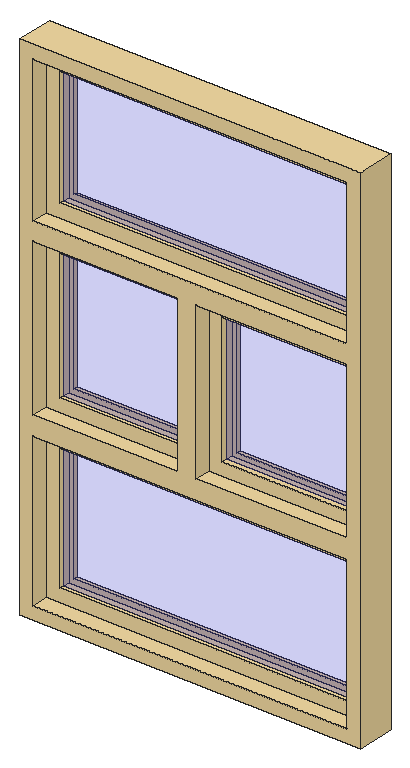
Revit family "5092B-COto 62", category Windows, host Wall, Revit 2016
Family settings
  Host = Wall
  OmniClass Number = 23.30.20.00
  OmniClass Title = Windows
  Always vertical = Yes
  Cut with Voids When Loaded = No
  Shared = No
  Room Calculation Point = No
Parameters (values of type "1188x1788mm")
  top 4 [instance] = yes
  top 3 [instance] = no
  top 2 [instance] = no
  top 1 [instance] = yes
  right 4 [instance] = no
  right 2 [instance] = no
  right 1 [instance] = no
  right 3 [instance] = yes
  left 4 [instance] = no
  left 3 [instance] = no
  left 2 [instance] = yes
  left 1 [instance] = no
  Sash 4 [instance] = or(top 4, right 4, left 4)  # yes
  Sash 3 [instance] = or(top 3, right 3, left 3)  # yes
  Sash 2 [instance] = or(top 2, right 2, left 2)  # yes
  Sash 1 [instance] = or(top 1, right 1, left 1)  # yes
  Rough Width = Width + 2 * Joint  # 1212 mm
  Rough Height = Height + 2 * Joint  # 1812 mm
  Offset from wall = 40 mm
  Mullion 3 Placement = 594 mm
  Mullion 1 Placement = 596 mm
  Mullion 2 Placement = 1192 mm
  Manufacturer = "www.kronevinduer.dk"
  Joint = 12 mm
  Height = 1788 mm
  Frame 176mm [instance] = no
  Frame 157mm [instance] = no
  Default Sill Height = 800 mm
  Wall Closure = By host
  Width = 1188 mm
Reference planes
  plane 1 "Center (Front/Back)": y = 0
  plane 2 "Center (Left/Right)": x = 0
  plane 3 "Left": x = -594
  plane 4 "Right": x = 594
  plane 5 "Sill": z = 800
  plane 6 "Head": z = 2588
  plane 7 "Exterior": y = 100
  plane 8 "Interior": y = -100
  plane 9: y = 60
  plane 10: x = 582
  plane 11: x = -582
  plane 12: z = 812
  plane 13: z = 2576
  plane 14: z = 1694
  plane 15: z = 2004
  plane 16: z = 1408
  plane 17: z = 2290
  plane 18: z = 1706
  plane 19: z = 1110
  plane 20: x = -12
  plane 21: x = 285
  plane 22: x = -297
Forms (mm)
  Sweep 1, solid, material "Wood frame"
    path origin (0, 100, 0) x (1, 0, 0) y (0, 0, 1)
      loop
        line (582, 812) -> (582, 2576) -> (-582, 2576) -> (-582, 812) -> (582, 812)
    profile "COto 62 træ-alu,karm- fast glas 45mm : COto 62 træ-alu,karm- fast glas 45mm" origin (0, 100, 812) x (0, 0, -1) y (0, -1, 0)
      loop
        line (0, 170) -> (-45, 170) -> (-45, 99) -> (-27, 99) -> (-27, 51) -> (-45, 51) -> (-45, 40) -> (0, 40) -> (0, 170)
  Sweep 2, solid, material "Wood frame", visible <- "Frame 157mm"
    path origin (0, 100, 0) x (1, 0, 0) y (0, 0, 1)
      loop
        line (582, 812) -> (582, 2576) -> (-582, 2576) -> (-582, 812) -> (582, 812)
    profile "COto 62 træ-alu,karm- fast glas 45mm-157 : COto 62 træ-alu,karm- fast glas 45mm-157" origin (0, 100, 812) x (0, 0, -1) y (0, -1, 0)
      loop
        line (0, 197) -> (-45, 197) -> (-45, 99) -> (-27, 99) -> (-27, 51) -> (-45, 51) -> (-45, 40) -> (0, 40) -> (0, 197)
  Sweep 3, solid, material "Wood frame", visible <- "Frame 176mm"
    path origin (0, 100, 0) x (1, 0, 0) y (0, 0, 1)
      loop
        line (582, 812) -> (582, 2576) -> (-582, 2576) -> (-582, 812) -> (582, 812)
    profile "COto 62 træ-alu,karm- fast glas 45mm-176 : COto 62 træ-alu,karm- fast glas 45mm-176" origin (0, 100, 812) x (0, 0, -1) y (0, -1, 0)
      loop
        line (0, 216) -> (-45, 216) -> (-45, 99) -> (-27, 99) -> (-27, 51) -> (-45, 51) -> (-45, 40) -> (0, 40) -> (0, 216)
  Extrusion 4, solid, material "Glass"
    sketch origin (-594, 0, 0) x (0, -1, 0) y (0, 0, 1)
      loop
        line (-49, 839) -> (-1, 839) -> (-1, 2549) -> (-49, 2549) -> (-49, 839)
    from -1149 to -39
  Sweep 5, solid, material "Wood frame"
    path origin (0, 100, 0) x (1, 0, 0) y (0, 0, 1)
      loop
        line (582, 2004) -> (-582, 2004)
    profile "COto 62 træ-alu, Post-fast glas 63 mm : COto 62 træ-alu, Post-fast glas 63 mm" origin (0, 100, 2004) x (0, 0, -1) y (0, -1, 0)
      loop
        line (31.5, 170) -> (-31.5, 170) -> (-31.5, 99) -> (-13.5, 99) -> (-13.5, 51) -> (-31.5, 51) -> (-31.5, 40) -> (31.5, 40) -> (31.5, 51) -> (13.5, 51) -> (13.5, 99) -> (31.5, 99) -> (31.5, 170)
  Sweep 6, solid, material "Wood frame"
    path origin (0, 100, 0) x (1, 0, 0) y (0, 0, 1)
      loop
        line (582, 1408) -> (-582, 1408)
    profile "COto 62 træ-alu, Post-fast glas 63 mm : COto 62 træ-alu, Post-fast glas 63 mm" origin (0, 100, 1408) x (0, 0, -1) y (0, -1, 0)
      loop
        line (31.5, 170) -> (-31.5, 170) -> (-31.5, 99) -> (-13.5, 99) -> (-13.5, 51) -> (-31.5, 51) -> (-31.5, 40) -> (31.5, 40) -> (31.5, 51) -> (13.5, 51) -> (13.5, 99) -> (31.5, 99) -> (31.5, 170)
  Sweep 7, solid, material "Wood frame", visible <- "Frame 157mm"
    path origin (0, 100, 0) x (1, 0, 0) y (0, 0, 1)
      loop
        line (582, 2004) -> (-582, 2004)
    profile "COto 62 træ-alu, Post-fast glas 63 mm-157 : COto 62 træ-alu, Post-fast glas 63 mm-157" origin (0, 100, 2004) x (0, 0, -1) y (0, -1, 0)
      loop
        line (31.5, 197) -> (-31.5, 197) -> (-31.5, 99) -> (-13.5, 99) -> (-13.5, 51) -> (-31.5, 51) -> (-31.5, 40) -> (31.5, 40) -> (31.5, 51) -> (13.5, 51) -> (13.5, 99) -> (31.5, 99) -> (31.5, 197)
  Sweep 8, solid, material "Wood frame", visible <- "Frame 157mm"
    path origin (0, 100, 0) x (1, 0, 0) y (0, 0, 1)
      loop
        line (582, 1408) -> (-582, 1408)
    profile "COto 62 træ-alu, Post-fast glas 63 mm-157 : COto 62 træ-alu, Post-fast glas 63 mm-157" origin (0, 100, 1408) x (0, 0, -1) y (0, -1, 0)
      loop
        line (31.5, 197) -> (-31.5, 197) -> (-31.5, 99) -> (-13.5, 99) -> (-13.5, 51) -> (-31.5, 51) -> (-31.5, 40) -> (31.5, 40) -> (31.5, 51) -> (13.5, 51) -> (13.5, 99) -> (31.5, 99) -> (31.5, 197)
  Sweep 9, solid, material "Wood frame", visible <- "Frame 176mm"
    path origin (0, 100, 0) x (1, 0, 0) y (0, 0, 1)
      loop
        line (582, 1408) -> (-582, 1408)
    profile "COto 62 træ-alu, Post-fast glas 63 mm-176 : COto 62 træ-alu, Post-fast glas 63 mm-176" origin (0, 100, 1408) x (0, 0, -1) y (0, -1, 0)
      loop
        line (31.5, 216) -> (-31.5, 216) -> (-31.5, 99) -> (-13.5, 99) -> (-13.5, 51) -> (-31.5, 51) -> (-31.5, 40) -> (31.5, 40) -> (31.5, 51) -> (13.5, 51) -> (13.5, 99) -> (31.5, 99) -> (31.5, 216)
  Sweep 10, solid, material "Wood frame", visible <- "Frame 176mm"
    path origin (0, 100, 0) x (1, 0, 0) y (0, 0, 1)
      loop
        line (582, 2004) -> (-582, 2004)
    profile "COto 62 træ-alu, Post-fast glas 63 mm-176 : COto 62 træ-alu, Post-fast glas 63 mm-176" origin (0, 100, 2004) x (0, 0, -1) y (0, -1, 0)
      loop
        line (31.5, 216) -> (-31.5, 216) -> (-31.5, 99) -> (-13.5, 99) -> (-13.5, 51) -> (-31.5, 51) -> (-31.5, 40) -> (31.5, 40) -> (31.5, 51) -> (13.5, 51) -> (13.5, 99) -> (31.5, 99) -> (31.5, 216)
  Sweep 11, solid, material "Wood frame", visible <- "Sash 1"
    path origin (0, 100, 0) x (1, 0, 0) y (0, 0, 1)
      loop
        line (555, 839) -> (555, 1394.5) -> (-555, 1394.5) -> (-555, 839) -> (555, 839)
    profile "COto 62 træ-alu,opluk-ramme : COto 62 træ-alu,opluk-ramme" origin (0, 100, 839) x (0, 0, -1) y (0, -1, 0)
      loop
        line (0, 99) -> (-18, 99) -> (-18, 114) -> (-63, 114) -> (-63, 99) -> (-45, 99) -> (-45, 51) -> (-63, 51) -> (-63, 40) -> (0, 40) -> (0, 99)
  Sweep 12, solid, material "Wood frame", visible <- "Sash 4"
    path origin (0, 100, 0) x (1, 0, 0) y (0, 0, 1)
      loop
        line (555, 2017.5) -> (555, 2549) -> (-555, 2549) -> (-555, 2017.5) -> (555, 2017.5)
    profile "COto 62 træ-alu,opluk-ramme : COto 62 træ-alu,opluk-ramme" origin (0, 100, 2017.5) x (0, 0, -1) y (0, -1, 0)
      loop
        line (0, 99) -> (-18, 99) -> (-18, 114) -> (-63, 114) -> (-63, 99) -> (-45, 99) -> (-45, 51) -> (-63, 51) -> (-63, 40) -> (0, 40) -> (0, 99)
  Sweep 13, solid, material "Wood frame"
    path origin (0, 100, 0) x (1, 0, 0) y (0, 0, 1)
      loop
        line (-12, 1408) -> (-12, 2004)
    profile "COto 62 træ-alu, Post-fast glas 63 mm : COto 62 træ-alu, Post-fast glas 63 mm" origin (-12, 100, 1706) x (-1, 0, 0) y (0, -1, 0)
      loop
        line (31.5, 170) -> (-31.5, 170) -> (-31.5, 99) -> (-13.5, 99) -> (-13.5, 51) -> (-31.5, 51) -> (-31.5, 40) -> (31.5, 40) -> (31.5, 51) -> (13.5, 51) -> (13.5, 99) -> (31.5, 99) -> (31.5, 170)
  Sweep 14, solid, material "Wood frame", visible <- "Frame 157mm"
    path origin (0, 100, 0) x (1, 0, 0) y (0, 0, 1)
      loop
        line (-12, 1408) -> (-12, 2004)
    profile "COto 62 træ-alu, Post-fast glas 63 mm-157 : COto 62 træ-alu, Post-fast glas 63 mm-157" origin (-12, 100, 1706) x (-1, 0, 0) y (0, -1, 0)
      loop
        line (31.5, 197) -> (-31.5, 197) -> (-31.5, 99) -> (-13.5, 99) -> (-13.5, 51) -> (-31.5, 51) -> (-31.5, 40) -> (31.5, 40) -> (31.5, 51) -> (13.5, 51) -> (13.5, 99) -> (31.5, 99) -> (31.5, 197)
  Sweep 15, solid, material "Wood frame", visible <- "Frame 176mm"
    path origin (0, 100, 0) x (1, 0, 0) y (0, 0, 1)
      loop
        line (-12, 1408) -> (-12, 2004)
    profile "COto 62 træ-alu, Post-fast glas 63 mm-176 : COto 62 træ-alu, Post-fast glas 63 mm-176" origin (-12, 100, 1706) x (-1, 0, 0) y (0, -1, 0)
      loop
        line (31.5, 216) -> (-31.5, 216) -> (-31.5, 99) -> (-13.5, 99) -> (-13.5, 51) -> (-31.5, 51) -> (-31.5, 40) -> (31.5, 40) -> (31.5, 51) -> (13.5, 51) -> (13.5, 99) -> (31.5, 99) -> (31.5, 216)
  Sweep 16, solid, material "Wood frame", visible <- "Sash 2"
    path origin (0, 100, 0) x (1, 0, 0) y (0, 0, 1)
      loop
        line (555, 1421.5) -> (555, 1990.5) -> (1.5, 1990.5) -> (1.5, 1421.5) -> (555, 1421.5)
    profile "COto 62 træ-alu,opluk-ramme : COto 62 træ-alu,opluk-ramme" origin (278.25, 100, 1421.5) x (0, 0, -1) y (0, -1, 0)
      loop
        line (0, 99) -> (-18, 99) -> (-18, 114) -> (-63, 114) -> (-63, 99) -> (-45, 99) -> (-45, 51) -> (-63, 51) -> (-63, 40) -> (0, 40) -> (0, 99)
  Sweep 17, solid, material "Wood frame", visible <- "Sash 3"
    path origin (0, 100, 0) x (1, 0, 0) y (0, 0, 1)
      loop
        line (-25.5, 1421.5) -> (-25.5, 1990.5) -> (-555, 1990.5) -> (-555, 1421.5) -> (-25.5, 1421.5)
    profile "COto 62 træ-alu,opluk-ramme : COto 62 træ-alu,opluk-ramme" origin (-290.25, 100, 1421.5) x (0, 0, -1) y (0, -1, 0)
      loop
        line (0, 99) -> (-18, 99) -> (-18, 114) -> (-63, 114) -> (-63, 99) -> (-45, 99) -> (-45, 51) -> (-63, 51) -> (-63, 40) -> (0, 40) -> (0, 99)
Cuts and joins
  joined: Sweep 1, Sweep 5, Sweep 6, Sweep 13
  joined: Sweep 2, Sweep 7, Sweep 8, Sweep 14
  joined: Sweep 3, Sweep 9, Sweep 10, Sweep 15
Lines and regions (mm)
  Opening 1
    outline origin (3500, -100, 0) x (1, 0, 0) y (0, 0, 1)
      loop
        line (-2906, 800) -> (-2906, 2588) -> (-4094, 2588) -> (-4094, 800) -> (-2906, 800)
  symbolic lines
    curve 1: line (555, 100, 2549) -> (555, 100, 2302)
  symbolic lines, visible <- "top 4"
    curve 2: line (555, 100, 2549) -> (0, 100, 2017.5)
    curve 3: line (0, 100, 2017.5) -> (-555, 100, 2549)
  symbolic lines, visible <- "top 1"
    curve 4: line (555, 100, 1394.5) -> (0, 100, 839)
    curve 5: line (0, 100, 839) -> (-555, 100, 1394.5)
  symbolic lines, visible <- "left 4"
    curve 6: line (555, 100, 2549) -> (-555, 100, 2290)
    curve 7: line (-555, 100, 2290) -> (555, 100, 2017.5)
  symbolic lines, visible <- "right 4"
    curve 8: line (-555, 100, 2549) -> (555, 100, 2290)
    curve 9: line (555, 100, 2290) -> (-555, 100, 2017.5)
  symbolic lines, visible <- "left 1"
    curve 10: line (555, 100, 1394.5) -> (-555, 100, 1110)
    curve 11: line (-555, 100, 1110) -> (555, 100, 839)
  symbolic lines, visible <- "right 1"
    curve 12: line (-555, 100, 1394.5) -> (555, 100, 1110)
    curve 13: line (555, 100, 1110) -> (-555, 100, 839)
  symbolic lines, visible <- "top 2"
    curve 14: line (555, 100, 1990.5) -> (285, 100, 1421.5)
    curve 15: line (285, 100, 1421.5) -> (1.5, 100, 1990.5)
  symbolic lines, visible <- "top 3"
    curve 16: line (-25.5, 100, 1990.5) -> (-297, 100, 1421.5)
    curve 17: line (-297, 100, 1421.5) -> (-555, 100, 1990.5)
  symbolic lines, visible <- "left 2"
    curve 18: line (555, 100, 1990.5) -> (1.5, 100, 1706)
    curve 19: line (1.5, 100, 1706) -> (555, 100, 1421.5)
  symbolic lines, visible <- "left 3"
    curve 20: line (-25.5, 100, 1990.5) -> (-555, 100, 1706)
    curve 21: line (-555, 100, 1706) -> (-25.5, 100, 1421.5)
  symbolic lines, visible <- "right 3"
    curve 22: line (-555, 100, 1990.5) -> (-25.5, 100, 1706)
    curve 23: line (-25.5, 100, 1706) -> (-555, 100, 1421.5)
  symbolic lines, visible <- "right 2"
    curve 24: line (1.5, 100, 1990.5) -> (555, 100, 1706)
    curve 25: line (555, 100, 1706) -> (1.5, 100, 1421.5)
Text (mm)
  text "EXTERIOR" at (-1963.203, 1332.353, 0), in view "Ref. Level"
  text "INTERIOR" at (-1981.466, -818.386, 0), in view "Ref. Level"
  text "Exterior" at (0, 923.751, 2943.296), in view "Right"
  text "Exterior" at (0, 1040.484, 2685.409), in view "Left"
Dimensions and locks
  equal spacing: plane 3 "Left", plane 2 "Center (Left/Right)", plane 4 "Right"
  "Width": plane 3 "Left" to plane 4 "Right"
  "Height": plane 5 "Sill" to plane 6 "Head"
  "Default Sill Height": plane 5 "Sill" to level
  locked: plane 7 "Exterior" to host wall at 0
  locked: plane 8 "Interior" to host wall
  "Joint": plane 13 to plane 6 "Head"
  "Joint": plane 5 "Sill" to plane 12
  "Joint": plane 3 "Left" to plane 11
  "Joint": plane 10 to plane 4 "Right"
  "Offset from wall": plane 9 to plane 7 "Exterior"
  equal spacing: plane 12, plane 14, plane 13
  "Mullion 1 Placement": plane 12 to plane 16
  equal spacing: plane 15, plane 17, plane 13
  equal spacing: plane 16, plane 18, plane 15
  equal spacing: plane 12, plane 19, plane 16
  "Mullion 2 Placement": plane 12 to plane 15
  "Mullion 3 Placement": plane 20 to plane 10
  equal spacing: plane 20, plane 21, plane 10
  equal spacing: plane 11, plane 22, plane 20
  aligned and locked: plane 12 to Sweep 1 sketch curve
  aligned and locked: plane 10 to Sweep 1 sketch curve
  aligned and locked: Sweep 1 sketch curve to plane 13
  aligned and locked: Sweep 1 sketch curve to plane 11
  aligned and locked: Extrusion 4 sketch curve to Sweep 1  (x2)
  aligned and locked: Extrusion 4 to Sweep 1  (x4)
  aligned and locked: Sweep 11 sketch curve to Extrusion 4  (x2)
  aligned and locked: Sweep 11 sketch curve to cut or joined group of Sweep 1, Sweep 5, Sweep 6, Sweep 13  (x2)
  aligned and locked: Sweep 12 sketch curve to cut or joined group of Sweep 1, Sweep 5, Sweep 6, Sweep 13  (x2)
  aligned and locked: Sweep 12 sketch curve to Extrusion 4  (x2)
  aligned and locked: Sweep 16 sketch curve to cut or joined group of Sweep 1, Sweep 5, Sweep 6, Sweep 13  (x2)
  aligned and locked: cut or joined group of Sweep 1, Sweep 5, Sweep 6, Sweep 13 to Sweep 16 sketch curve  (x2)
  aligned and locked: cut or joined group of Sweep 1, Sweep 5, Sweep 6, Sweep 13 to Sweep 17 sketch curve  (x2)
  aligned and locked: Sweep 17 sketch curve to cut or joined group of Sweep 1, Sweep 5, Sweep 6, Sweep 13  (x2)
Automatic sketch dimensions
  Opening 1 sketch curve to plane 3 "Left" = 0 mm
  Opening 1 sketch curve to plane 4 "Right" = 0 mm
  Opening 1 sketch curve to plane 5 "Sill" = 0 mm
  Opening 1 sketch curve to plane 6 "Head" = 0 mm
  plane 11 to Sweep 2 sketch curve = 0 mm
  plane 10 to Sweep 2 sketch curve = 0 mm
  Sweep 2 sketch curve to plane 12 = 0 mm
  Sweep 2 sketch curve to plane 13 = 0 mm
  plane 11 to Sweep 3 sketch curve = 0 mm
  plane 10 to Sweep 3 sketch curve = 0 mm
  Sweep 3 sketch curve to plane 12 = 0 mm
  Sweep 3 sketch curve to plane 13 = 0 mm
  Extrusion 4 sketch curve to plane 5 "Sill" = 39 mm
  plane 6 "Head" to Extrusion 4 sketch curve = 39 mm
  plane 11 to Sweep 5 sketch curve = 0 mm
  plane 10 to Sweep 5 sketch curve = 0 mm
  Sweep 5 sketch curve to plane 15 = 0 mm
  plane 11 to Sweep 6 sketch curve = 0 mm
  plane 10 to Sweep 6 sketch curve = 0 mm
  Sweep 6 sketch curve to plane 16 = 0 mm
  plane 11 to Sweep 7 sketch curve = 0 mm
  plane 10 to Sweep 7 sketch curve = 0 mm
  Sweep 7 sketch curve to plane 15 = 0 mm
  plane 11 to Sweep 8 sketch curve = 0 mm
  plane 10 to Sweep 8 sketch curve = 0 mm
  Sweep 8 sketch curve to plane 16 = 0 mm
  plane 11 to Sweep 9 sketch curve = 0 mm
  plane 10 to Sweep 9 sketch curve = 0 mm
  Sweep 9 sketch curve to plane 16 = 0 mm
  plane 11 to Sweep 10 sketch curve = 0 mm
  plane 10 to Sweep 10 sketch curve = 0 mm
  Sweep 10 sketch curve to plane 15 = 0 mm
  Sweep 13 sketch curve to plane 15 = 0 mm
  plane 20 to Sweep 13 sketch curve = 0 mm
  Sweep 13 sketch curve to plane 16 = 0 mm
  Sweep 14 sketch curve to plane 15 = 0 mm
  plane 20 to Sweep 14 sketch curve = 0 mm
  Sweep 14 sketch curve to plane 16 = 0 mm
  Sweep 15 sketch curve to plane 15 = 0 mm
  plane 20 to Sweep 15 sketch curve = 0 mm
  Sweep 15 sketch curve to plane 16 = 0 mm
  curve 11 to plane 19 = 0 mm
  curve 20 to plane 18 = 0 mm
  curve 6 to plane 17 = 0 mm
  plane 22 to curve 16 = 0 mm
  plane 2 "Center (Left/Right)" to curve 4 = 0 mm
  plane 2 "Center (Left/Right)" to curve 3 = 0 mm
  curve 23 to plane 18 = 0 mm
  curve 19 to plane 18 = 0 mm
  plane 21 to curve 14 = 0 mm
  curve 13 to plane 19 = 0 mm
  curve 9 to plane 17 = 0 mm
  curve 24 to plane 18 = 0 mm
  curve 17 to plane 11 = 27 mm
  curve 7 to plane 11 = 27 mm
  curve 8 to plane 11 = 27 mm
  curve 5 to plane 11 = 27 mm
  curve 21 to plane 11 = 27 mm
  curve 10 to plane 11 = 27 mm
  plane 20 to curve 23 = 13.5 mm
  plane 20 to curve 20 = 13.5 mm
  curve 19 to plane 20 = 13.5 mm
  curve 24 to plane 20 = 13.5 mm
  plane 10 to curve 14 = 27 mm
  plane 10 to curve 13 = 27 mm
  plane 10 to curve 10 = 27 mm
  plane 10 to curve 9 = 27 mm
  plane 10 to curve 6 = 27 mm
  plane 12 to curve 5 = 27 mm
  curve 4 to plane 16 = 13.5 mm
  curve 5 to plane 16 = 13.5 mm
  plane 16 to curve 14 = 13.5 mm
  plane 16 to curve 16 = 13.5 mm
  curve 22 to plane 15 = 13.5 mm
  curve 15 to plane 15 = 13.5 mm
  curve 14 to plane 15 = 13.5 mm
  curve 20 to plane 15 = 13.5 mm
  plane 15 to curve 2 = 13.5 mm
  curve 8 to plane 13 = 27 mm
  curve 2 to plane 13 = 27 mm
  curve 9 to curve 17 = 0 mm
  curve 23 to curve 5 = 0 mm
  curve 13 to plane 11 = 27 mm
  plane 20 to curve 21 = 13.5 mm
  curve 25 to plane 20 = 13.5 mm
  plane 10 to curve 19 = 27 mm
  plane 10 to curve 11 = 27 mm
  plane 10 to curve 7 = 27 mm
  plane 10 to curve 24 = 27 mm
  plane 12 to curve 13 = 27 mm
  plane 12 to curve 11 = 27 mm
  plane 16 to curve 19 = 13.5 mm
  plane 16 to curve 21 = 13.5 mm
  plane 16 to curve 23 = 13.5 mm
  plane 16 to curve 25 = 13.5 mm
  plane 15 to curve 7 = 13.5 mm
  plane 15 to curve 9 = 13.5 mm
  curve 8 to curve 1 = 12 mm
